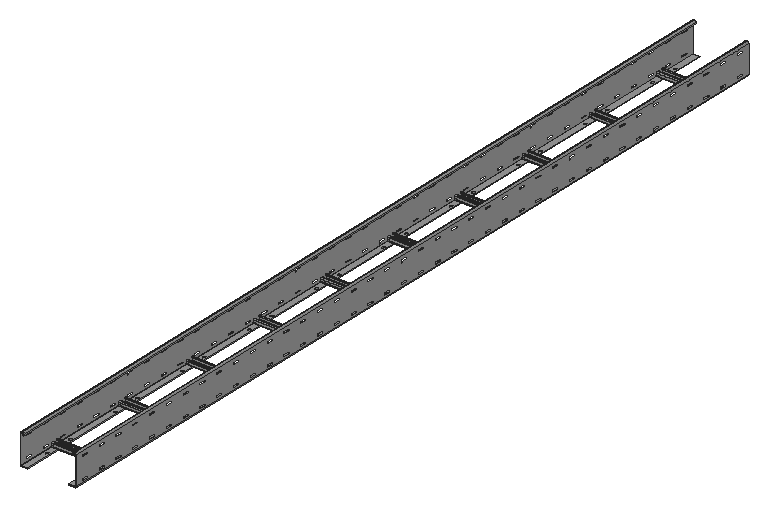
Revit family "Kabelleiter - LG 116 VS 6 FT -", category Generic Models, Revit 2017
Family settings
  Can host rebar = No
  Round Connector Dimension = Use Diameter
  Part Type = Normal
  Work Plane-Based = No
  Always vertical = Yes
  Cut with Voids When Loaded = No
  Shared = No
  Room Calculation Point = No
Parameters (values of type "LG 116 VS 6 FT")
  Width = 200 mm
  URL = "http://www.obo-bettermann.com"
  Material = Hot dip galvanised
  Manufacturer Art.No. = "6216477"
  Manufacturer = "OBO BETTERMANN"
  Length = 3000 mm
  GTIN = "4012195065432"
  Cut's space 2 = 300 mm
  Cut's space = 75 mm
  Cut's number 4 = 3
  Cut's number 3 = Length / Cut's space 2  # 10
  Cut's number 2 = Length / Cut's space  # 40
  Cut's number = 2
  Article Type = "LG 116 VS 6 FT"
Reference planes
  plane 1 "Center (Front/Back)": y = 0
  plane 2: z = 0
  plane 3 "Center (Left/Right)": x = 0
  plane 4: z = 103.979
  plane 5: y = 3000
  plane 6: x = 200
  plane 7: z = 110
  plane 8: z = 100.979
  plane 9: z = 103.979
  plane 10: y = 37.5
  plane 11: z = 51.5
  plane 12: z = 89
  plane 13: z = 14
  plane 14: z = 89
  plane 15: z = 14
  plane 16: y = 37.5
  plane 17: y = 37.5
  plane 18: z = 51.5
  plane 19: z = 89
  plane 20: z = 14
  plane 21: y = 150
  plane 22: x = 1.5
  plane 23: y = 450
  plane 24: y = 750
  plane 25: y = 1050
  plane 26: y = 1350
  plane 27: y = 1650
  plane 28: y = 1950
  plane 29: y = 2250
  plane 30: y = 2550
  plane 31: y = 2850
  plane 32: x = 47.5
  plane 33: y = 150.084
  plane 34: x = 97.5
  plane 35: y = 150.084
  plane 36: x = 147.5
  plane 37: y = 150.084
  plane 38: y = 200.084
  plane 39: y = 100.084
  plane 40: x = 18
  plane 41: y = 150.084
  plane 42: y = 300.084
  plane 43: y = 200.084
  plane 44: x = 18
  plane 45: y = 250.084
  plane 46: y = 100.084
  plane 47: x = 182
  plane 48: y = 150.084
  plane 49: y = 200.084
  plane 50: x = 182
  plane 51: y = 250.084
  plane 52: y = 500.084
  plane 53: y = 400.084
  plane 54: x = 18
  plane 55: y = 450.084
  plane 56: y = 400.084
  plane 57: x = 182
  plane 58: y = 450.084
  plane 59: y = 600.084
  plane 60: y = 500.084
  plane 61: x = 18
  plane 62: y = 550.084
  plane 63: y = 500.084
  plane 64: x = 182
  plane 65: y = 550.084
  plane 66: y = 800.084
  plane 67: y = 700.084
  plane 68: x = 18
  plane 69: y = 750.084
  plane 70: y = 700.084
  plane 71: x = 182
  plane 72: y = 750.084
  plane 73: y = 900.084
  plane 74: y = 800.084
  plane 75: x = 18
  plane 76: y = 850.084
  plane 77: y = 800.084
  plane 78: x = 182
  plane 79: y = 850.084
  plane 80: y = 1100.084
  plane 81: y = 1000.084
  plane 82: x = 18
  plane 83: y = 1050.084
  plane 84: y = 1000.084
  plane 85: x = 182
  plane 86: y = 1050.084
  plane 87: y = 1200.084
  plane 88: y = 1100.084
  plane 89: x = 18
  plane 90: y = 1150.084
  plane 91: y = 1100.084
  plane 92: x = 182
  plane 93: y = 1150.084
  plane 94: y = 1400.084
  plane 95: y = 1300.084
  plane 96: x = 18
  plane 97: y = 1350.084
  plane 98: y = 1300.084
  plane 99: x = 182
  plane 100: y = 1350.084
  plane 101: y = 1500.084
  plane 102: y = 1400.084
  plane 103: x = 18
  plane 104: y = 1450.084
  plane 105: y = 1400.084
  plane 106: x = 182
  plane 107: y = 1450.084
  plane 108: y = 1700.084
  plane 109: y = 1600.084
  plane 110: x = 18
  plane 111: y = 1650.084
  plane 112: y = 1600.084
  plane 113: x = 182
  plane 114: y = 1650.084
  plane 115: y = 1800.084
  plane 116: y = 1700.084
  plane 117: x = 18
  plane 118: y = 1750.084
  plane 119: y = 1700.084
  plane 120: x = 182
  plane 121: y = 1750.084
  plane 122: y = 2000.084
  plane 123: y = 1900.084
  plane 124: x = 18
  plane 125: y = 1950.084
  plane 126: y = 1900.084
  plane 127: x = 182
  plane 128: y = 1950.084
  plane 129: y = 2100.084
  plane 130: y = 2000.084
  plane 131: x = 18
  plane 132: y = 2050.084
  plane 133: y = 2000.084
  plane 134: x = 182
  plane 135: y = 2050.084
  plane 136: y = 2300.084
  plane 137: y = 2200.084
  plane 138: x = 18
  plane 139: y = 2250.084
  plane 140: y = 2200.084
  plane 141: x = 182
  plane 142: y = 2250.084
  plane 143: y = 2400.084
  plane 144: y = 2300.084
  plane 145: x = 18
  plane 146: y = 2350.084
  plane 147: y = 2300.084
  plane 148: x = 182
  plane 149: y = 2350.084
  plane 150: y = 2600.084
  plane 151: y = 2500.084
  plane 152: x = 18
  plane 153: y = 2550.084
  plane 154: y = 2500.084
  plane 155: x = 182
  plane 156: y = 2550.084
  plane 157: y = 2700.084
  plane 158: y = 2600.084
  plane 159: x = 18
  plane 160: y = 2650.084
  plane 161: y = 2600.084
  plane 162: x = 182
  plane 163: y = 2650.084
  plane 164: y = 2900.084
  plane 165: y = 2800.084
  plane 166: x = 18
  plane 167: y = 2850.084
  plane 168: y = 2800.084
  plane 169: x = 182
  plane 170: y = 2850.084
  plane 171: y = 3000.084
  plane 172: y = 2900.084
  plane 173: x = 18
  plane 174: y = 2950.084
  plane 175: y = 2900.084
  plane 176: x = 182
  plane 177: y = 2950.084
  plane 178: x = 47.5
  plane 179: y = 750.084
  plane 180: x = 47.5
  plane 181: y = 1050.084
  plane 182: x = 47.5
  plane 183: y = 1350.084
  plane 184: x = 47.5
  plane 185: y = 1650.084
  plane 186: x = 47.5
  plane 187: y = 1950.084
  plane 188: x = 47.5
  plane 189: y = 2250.084
  plane 190: x = 47.5
  plane 191: y = 2550.084
  plane 192: x = 47.5
  plane 193: y = 2850.084
  plane 194: y = 112.5
  plane 195: z = 51.5
  plane 196: z = 89
  plane 197: z = 14
  plane 198: z = 89
  plane 199: z = 14
  plane 200: y = 112.5
  plane 201: y = 187.5
  plane 202: z = 51.5
  plane 203: z = 89
  plane 204: z = 14
  plane 205: z = 89
  plane 206: z = 14
  plane 207: y = 187.5
  plane 208: y = 262.5
  plane 209: z = 51.5
  plane 210: z = 89
  plane 211: z = 14
  plane 212: z = 89
  plane 213: z = 14
  plane 214: y = 262.5
  plane 215: y = 337.5
  plane 216: z = 51.5
  plane 217: z = 89
  plane 218: z = 14
  plane 219: z = 89
  plane 220: z = 14
  plane 221: y = 337.5
  plane 222: y = 412.5
  plane 223: z = 51.5
  plane 224: z = 89
  plane 225: z = 14
  plane 226: z = 89
  plane 227: z = 14
  plane 228: y = 412.5
  plane 229: y = 487.5
  plane 230: z = 51.5
  plane 231: z = 89
  plane 232: z = 14
  plane 233: z = 89
  plane 234: z = 14
  plane 235: y = 487.5
  plane 236: y = 562.5
  plane 237: z = 51.5
  plane 238: z = 89
  plane 239: z = 14
  plane 240: z = 89
  plane 241: z = 14
  plane 242: y = 562.5
  plane 243: y = 637.5
  plane 244: z = 51.5
  plane 245: z = 89
  plane 246: z = 14
  plane 247: z = 89
  plane 248: z = 14
  plane 249: y = 637.5
  plane 250: y = 712.5
  plane 251: z = 51.5
  plane 252: z = 89
  plane 253: z = 14
  plane 254: z = 89
  plane 255: z = 14
  plane 256: y = 712.5
  plane 257: y = 787.5
  plane 258: z = 51.5
  plane 259: z = 89
  plane 260: z = 14
  plane 261: z = 89
  plane 262: z = 14
  plane 263: y = 787.5
  plane 264: y = 862.5
  plane 265: z = 51.5
  plane 266: z = 89
  plane 267: z = 14
  plane 268: z = 89
  plane 269: z = 14
  plane 270: y = 862.5
  plane 271: y = 937.5
  plane 272: z = 51.5
  plane 273: z = 89
  plane 274: z = 14
  plane 275: z = 89
  plane 276: z = 14
  plane 277: y = 937.5
  plane 278: y = 1012.5
  plane 279: z = 51.5
  plane 280: z = 89
  plane 281: z = 14
  plane 282: z = 89
  plane 283: z = 14
  plane 284: y = 1012.5
  plane 285: y = 1087.5
  plane 286: z = 51.5
  plane 287: z = 89
  plane 288: z = 14
  plane 289: z = 89
  plane 290: z = 14
  plane 291: y = 1087.5
  plane 292: y = 1162.5
  plane 293: z = 51.5
  plane 294: z = 89
  plane 295: z = 14
  plane 296: z = 89
  plane 297: z = 14
  plane 298: y = 1162.5
  plane 299: y = 1237.5
  plane 300: z = 51.5
  plane 301: z = 89
  plane 302: z = 14
  plane 303: z = 89
  plane 304: z = 14
  plane 305: y = 1237.5
  plane 306: y = 1312.5
  plane 307: z = 51.5
  plane 308: z = 89
  plane 309: z = 14
  plane 310: z = 89
  plane 311: z = 14
  plane 312: y = 1312.5
  plane 313: y = 1387.5
  plane 314: z = 51.5
  plane 315: z = 89
  plane 316: z = 14
  plane 317: z = 89
  plane 318: z = 14
  plane 319: y = 1387.5
  plane 320: y = 1462.5
  plane 321: z = 51.5
  plane 322: z = 89
  plane 323: z = 14
  plane 324: z = 89
  plane 325: z = 14
  plane 326: y = 1462.5
  plane 327: y = 1537.5
  plane 328: z = 51.5
  plane 329: z = 89
  plane 330: z = 14
  plane 331: z = 89
  plane 332: z = 14
  plane 333: y = 1537.5
  plane 334: y = 1612.5
  plane 335: z = 51.5
  plane 336: z = 89
  plane 337: z = 14
  plane 338: z = 89
  plane 339: z = 14
  plane 340: y = 1612.5
  plane 341: y = 1687.5
  plane 342: z = 51.5
  plane 343: z = 89
  plane 344: z = 14
  plane 345: z = 89
  plane 346: z = 14
  plane 347: y = 1687.5
  plane 348: y = 1762.5
  plane 349: z = 51.5
  plane 350: z = 89
  plane 351: z = 14
  plane 352: z = 89
  plane 353: z = 14
  plane 354: y = 1762.5
  plane 355: y = 1837.5
  plane 356: z = 51.5
  plane 357: z = 89
  plane 358: z = 14
  plane 359: z = 89
  plane 360: z = 14
  plane 361: y = 1837.5
  plane 362: y = 1912.5
  plane 363: z = 51.5
  plane 364: z = 89
  plane 365: z = 14
  plane 366: z = 89
  plane 367: z = 14
  plane 368: y = 1912.5
  plane 369: y = 1987.5
  plane 370: z = 51.5
  plane 371: z = 89
  plane 372: z = 14
  plane 373: z = 89
  plane 374: z = 14
  plane 375: y = 1987.5
  plane 376: y = 2062.5
  plane 377: z = 51.5
  plane 378: z = 89
  plane 379: z = 14
  plane 380: z = 89
  plane 381: z = 14
  plane 382: y = 2062.5
  plane 383: y = 2137.5
  plane 384: z = 51.5
  plane 385: z = 89
  plane 386: z = 14
  plane 387: z = 89
  plane 388: z = 14
  plane 389: y = 2137.5
  plane 390: y = 2212.5
  plane 391: z = 51.5
  plane 392: z = 89
  plane 393: z = 14
  plane 394: z = 89
  plane 395: z = 14
  plane 396: y = 2212.5
  plane 397: y = 2287.5
  plane 398: z = 51.5
  plane 399: z = 89
  plane 400: z = 14
  plane 401: z = 89
  plane 402: z = 14
  plane 403: y = 2287.5
  plane 404: y = 2362.5
  plane 405: z = 51.5
  plane 406: z = 89
  plane 407: z = 14
  plane 408: z = 89
  plane 409: z = 14
  plane 410: y = 2362.5
  plane 411: y = 2437.5
  plane 412: z = 51.5
  plane 413: z = 89
  plane 414: z = 14
  plane 415: z = 89
  plane 416: z = 14
  plane 417: y = 2437.5
  plane 418: y = 2512.5
  plane 419: z = 51.5
  plane 420: z = 89
  plane 421: z = 14
  plane 422: z = 89
  plane 423: z = 14
  plane 424: y = 2512.5
  plane 425: y = 2587.5
  plane 426: z = 51.5
  plane 427: z = 89
  plane 428: z = 14
  plane 429: z = 89
  plane 430: z = 14
  plane 431: y = 2587.5
  plane 432: y = 2662.5
  plane 433: z = 51.5
  plane 434: z = 89
  plane 435: z = 14
  plane 436: z = 89
  plane 437: z = 14
  plane 438: y = 2662.5
  plane 439: y = 2737.5
  plane 440: z = 51.5
  plane 441: z = 89
  plane 442: z = 14
  plane 443: z = 89
  plane 444: z = 14
  plane 445: y = 2737.5
  plane 446: y = 2812.5
  plane 447: z = 51.5
  plane 448: z = 89
  plane 449: z = 14
  plane 450: z = 89
  plane 451: z = 14
  plane 452: y = 2812.5
  plane 453: y = 2887.5
  plane 454: z = 51.5
  plane 455: z = 89
  plane 456: z = 14
  plane 457: z = 89
  plane 458: z = 14
  plane 459: y = 2887.5
  plane 460: y = 2962.5
  plane 461: z = 51.5
  plane 462: z = 89
  plane 463: z = 14
  plane 464: z = 89
  plane 465: z = 14
  plane 466: y = 2962.5
  plane 467: z = 89
  plane 468: z = 14
  plane 469: y = 37.5
  plane 470: z = 14
  plane 471: z = -61
  plane 472: y = 37.5
  plane 473: z = 89
  plane 474: z = 14
  plane 475: y = 37.5
  plane 476: z = 89
  plane 477: z = 14
  plane 478: y = 112.5
  plane 479: z = 14
  plane 480: z = -61
  plane 481: y = 112.5
  plane 482: z = 89
  plane 483: z = 14
  plane 484: y = 187.5
  plane 485: z = 14
  plane 486: z = -61
  plane 487: y = 187.5
  plane 488: z = 89
  plane 489: z = 14
  plane 490: y = 262.5
  plane 491: z = 14
  plane 492: z = -61
  plane 493: y = 262.5
  plane 494: z = 89
  plane 495: z = 14
  plane 496: y = 337.5
  plane 497: z = 14
  plane 498: z = -61
  plane 499: y = 337.5
  plane 500: z = 89
  plane 501: z = 14
  plane 502: y = 412.5
  plane 503: z = 14
  plane 504: z = -61
  plane 505: y = 412.5
  plane 506: z = 89
  plane 507: z = 14
  plane 508: y = 487.5
  plane 509: z = 14
  plane 510: z = -61
  plane 511: y = 487.5
  plane 512: z = 89
  plane 513: z = 14
  plane 514: y = 562.5
  plane 515: z = 14
  plane 516: z = -61
  plane 517: y = 562.5
  plane 518: z = 89
  plane 519: z = 14
  plane 520: y = 637.5
  plane 521: z = 14
  plane 522: z = -61
  plane 523: y = 637.5
  plane 524: z = 89
  plane 525: z = 14
  plane 526: y = 712.5
  plane 527: z = 14
  plane 528: z = -61
  plane 529: y = 712.5
  plane 530: z = 89
  plane 531: z = 14
  plane 532: y = 787.5
  plane 533: z = 14
  plane 534: z = -61
  plane 535: y = 787.5
  plane 536: z = 89
  plane 537: z = 14
  plane 538: y = 862.5
  plane 539: z = 14
  plane 540: z = -61
  plane 541: y = 862.5
  plane 542: z = 89
  plane 543: z = 14
  plane 544: y = 937.5
  plane 545: z = 14
  plane 546: z = -61
  plane 547: y = 937.5
  plane 548: z = 89
  plane 549: z = 14
  plane 550: y = 1012.5
  plane 551: z = 14
  plane 552: z = -61
  plane 553: y = 1012.5
  plane 554: z = 89
  plane 555: z = 14
  plane 556: y = 1087.5
  plane 557: z = 14
  plane 558: z = -61
  plane 559: y = 1087.5
  plane 560: z = 89
  plane 561: z = 14
  plane 562: y = 1162.5
  plane 563: z = 14
  plane 564: z = -61
  plane 565: y = 1162.5
  plane 566: z = 89
  plane 567: z = 14
  plane 568: y = 1237.5
  plane 569: z = 14
  plane 570: z = -61
  plane 571: y = 1237.5
  plane 572: z = 89
  plane 573: z = 14
  plane 574: y = 1312.5
  plane 575: z = 14
  plane 576: z = -61
  plane 577: y = 1312.5
  plane 578: z = 89
  plane 579: z = 14
  plane 580: y = 1387.5
  plane 581: z = 14
  plane 582: z = -61
  plane 583: y = 1387.5
  plane 584: z = 89
  plane 585: z = 14
  plane 586: y = 1462.5
  plane 587: z = 14
  plane 588: z = -61
  plane 589: y = 1462.5
  plane 590: z = 89
  plane 591: z = 14
  plane 592: y = 1537.5
  plane 593: z = 14
  plane 594: z = -61
  plane 595: y = 1537.5
  plane 596: z = 89
  plane 597: z = 14
  plane 598: y = 1612.5
  plane 599: z = 14
  plane 600: z = -61
  plane 601: y = 1612.5
  plane 602: z = 89
  plane 603: z = 14
  plane 604: y = 1687.5
  plane 605: z = 14
  plane 606: z = -61
  plane 607: y = 1687.5
  plane 608: z = 89
  plane 609: z = 14
  plane 610: y = 1762.5
  plane 611: z = 14
  plane 612: z = -61
  plane 613: y = 1762.5
  plane 614: z = 89
  plane 615: z = 14
  plane 616: y = 1837.5
  plane 617: z = 14
  plane 618: z = -61
  plane 619: y = 1837.5
  plane 620: z = 89
  plane 621: z = 14
  plane 622: y = 1912.5
  plane 623: z = 14
  plane 624: z = -61
  plane 625: y = 1912.5
  plane 626: z = 89
  plane 627: z = 14
  plane 628: y = 1987.5
  plane 629: z = 14
  plane 630: z = -61
  plane 631: y = 1987.5
  plane 632: z = 89
  plane 633: z = 14
  plane 634: y = 2062.5
  plane 635: z = 14
  plane 636: z = -61
  plane 637: y = 2062.5
  plane 638: z = 89
  plane 639: z = 14
  plane 640: y = 2137.5
  plane 641: z = 14
  plane 642: z = -61
  plane 643: y = 2137.5
  plane 644: z = 89
  plane 645: z = 14
  plane 646: y = 2212.5
  plane 647: z = 14
  plane 648: z = -61
  plane 649: y = 2212.5
  plane 650: z = 89
  plane 651: z = 14
  plane 652: y = 2287.5
  plane 653: z = 14
  plane 654: z = -61
  plane 655: y = 2287.5
  plane 656: z = 89
  plane 657: z = 14
  plane 658: y = 2362.5
  plane 659: z = 14
  plane 660: z = -61
  plane 661: y = 2362.5
  plane 662: z = 89
  plane 663: z = 14
  plane 664: y = 2437.5
  plane 665: z = 14
  plane 666: z = -61
  plane 667: y = 2437.5
  plane 668: z = 89
  plane 669: z = 14
  plane 670: y = 2512.5
  plane 671: z = 14
  plane 672: z = -61
  plane 673: y = 2512.5
  plane 674: z = 89
  plane 675: z = 14
  plane 676: y = 2587.5
  plane 677: z = 14
  plane 678: z = -61
  plane 679: y = 2587.5
  plane 680: z = 89
  plane 681: z = 14
  plane 682: y = 2662.5
  plane 683: z = 14
  plane 684: z = -61
  plane 685: y = 2662.5
  plane 686: z = 89
  plane 687: z = 14
  plane 688: y = 2737.5
  plane 689: z = 14
  plane 690: z = -61
  plane 691: y = 2737.5
  plane 692: z = 89
  plane 693: z = 14
  plane 694: y = 2812.5
  plane 695: z = 14
  plane 696: z = -61
  plane 697: y = 2812.5
  plane 698: z = 89
  plane 699: z = 14
  plane 700: y = 2887.5
  plane 701: z = 14
  plane 702: z = -61
  plane 703: y = 2887.5
  plane 704: z = 89
  plane 705: z = 14
  plane 706: y = 2962.5
  plane 707: z = 14
  plane 708: z = -61
  plane 709: y = 2962.5
  plane 710: x = 47.5
  plane 711: x = 97.5
  plane 712: x = 147.5
  plane 713: y = 450.084
  plane 714: x = 97.5
  plane 715: x = 147.5
  plane 716: x = 197.5
  plane 717: y = 450.084
  plane 718: x = 147.5
  plane 719: x = 197.5
  plane 720: x = 247.5
  plane 721: y = 450.084
  plane 722: x = 97.5
  plane 723: y = 750.084
  plane 724: x = 147.5
  plane 725: y = 750.084
  plane 726: x = 97.5
  plane 727: y = 1050.084
  plane 728: x = 147.5
  plane 729: y = 1050.084
  plane 730: x = 97.5
  plane 731: y = 1350.084
  plane 732: x = 147.5
  plane 733: y = 1350.084
  plane 734: x = 97.5
  plane 735: y = 1650.084
  plane 736: x = 147.5
  plane 737: y = 1650.084
  plane 738: x = 97.5
  plane 739: y = 1950.084
  plane 740: x = 147.5
  plane 741: y = 1950.084
  plane 742: x = 97.5
  plane 743: y = 2250.084
  plane 744: x = 147.5
  plane 745: y = 2250.084
  plane 746: x = 97.5
  plane 747: y = 2550.084
  plane 748: x = 147.5
  plane 749: y = 2550.084
  plane 750: x = 97.5
  plane 751: y = 2850.084
  plane 752: x = 147.5
  plane 753: y = 2850.084
Forms (mm)
  Extrusion 1, solid, material "Hot dip galvanised" <- "Material"
    sketch origin (0, 0, 0) x (1, 0, 0) y (0, 0, 1)
      loop
        line (27, 0) -> (27, 1.5) -> (2.5, 1.5)
        arc (2.5, 1.5) -> (1.793, 1.793) -> (1.5, 2.5) r 1
        line (1.5, 2.5) -> (1.5, 104.06)
        arc (1.5, 104.06) -> (5.976, 108.536) -> (10.452, 104.06) r 4.476
        line (10.452, 104.06) -> (10.452, 100.979) -> (11.952, 100.979) -> (11.952, 104.06)
        arc (11.952, 104.06) -> (5.976, 110.036) -> (0, 104.06) r 5.976
        line (0, 104.06) -> (0, 2.5)
        arc (0, 2.5) -> (0.732, 0.732) -> (2.5, 0) r 2.5
        line (2.5, 0) -> (27, 0)
    from 0 to -3000
  Extrusion 2, solid, material "Hot dip galvanised" <- "Material"
    sketch origin (0, 0, 0) x (1, 0, 0) y (0, 0, 1)
      loop
        arc (197.5, 0) -> (199.268, 0.732) -> (200, 2.5) r 2.5
        line (200, 2.5) -> (200, 103.979)
        arc (200, 103.979) -> (194, 109.979) -> (188, 103.979) r 6
        line (188, 103.979) -> (188, 100.979) -> (189.5, 100.979) -> (189.5, 103.979)
        arc (189.5, 103.979) -> (194, 108.479) -> (198.5, 103.979) r 4.5
        line (198.5, 103.979) -> (198.5, 2.5)
        arc (198.5, 2.5) -> (198.207, 1.793) -> (197.5, 1.5) r 1
        line (197.5, 1.5) -> (172.948, 1.5) -> (172.948, 0) -> (197.5, 0)
    from -3000 to 0
  Extrusion 3, void
    sketch origin (0, 0, 0) x (0, 1, 0) y (0, 0, 1)
      loop
        line (23.5, 19.398) -> (23.5, 9.5) -> (51.5, 9.5) -> (51.5, 19.398) -> (23.5, 19.398)
    from 198.5 to 200
  Extrusion 4, void
    sketch origin (0, 0, 0) x (0, 1, 0) y (0, 0, 1)
      loop
        line (23.5, 93.5) -> (23.5, 84.5) -> (51.5, 84.5) -> (51.5, 93.5) -> (23.5, 93.5)
    from 198.5 to 200
  Extrusion 5, void, not visible
    sketch origin (0, 0, 0) x (0, 1, 0) y (0, 0, 1)
      loop
        line (23.5, 19.398) -> (23.5, 9.5) -> (51.5, 9.5) -> (51.5, 19.398) -> (23.5, 19.398)
    from 198.5 to 200
  Extrusion 6, solid, material "Hot dip galvanised" <- "Material"
    sketch origin (0, 0, 0) x (0, 1, 0) y (0, 0, 1)
      loop
        line (150, 1.5) -> (162, 1.5)
        arc (162, 1.5) -> (164.121, 2.379) -> (165, 4.5) r 3
        line (165, 4.5) -> (165, 13.5)
        arc (165, 13.5) -> (164.121, 15.621) -> (162, 16.5) r 3
        line (162, 16.5) -> (158.5, 16.5) -> (158.5, 15) -> (162, 15)
        arc (162, 15) -> (163.061, 14.561) -> (163.5, 13.5) r 1.5
        line (163.5, 13.5) -> (163.5, 4.5)
        arc (163.5, 4.5) -> (163.061, 3.439) -> (162, 3) r 1.5
        line (162, 3) -> (150, 3) -> (138, 3)
        arc (138, 3) -> (136.939, 3.439) -> (136.5, 4.5) r 1.5
        line (136.5, 4.5) -> (136.5, 13.5)
        arc (136.5, 13.5) -> (136.939, 14.561) -> (138, 15) r 1.5
        line (138, 15) -> (141.584, 15) -> (141.584, 16.5) -> (138, 16.5)
        arc (138, 16.5) -> (135.879, 15.621) -> (135, 13.5) r 3
        line (135, 13.5) -> (135, 4.5)
        arc (135, 4.5) -> (135.879, 2.379) -> (138, 1.5) r 3
        line (138, 1.5) -> (150, 1.5)
    from 1.5 to 198.5
  Extrusion 7, solid, material "Hot dip galvanised" <- "Material"
    sketch origin (0, 300, 0) x (0, 1, 0) y (0, 0, 1)
      loop
        line (150, 1.5) -> (162, 1.5)
        arc (162, 1.5) -> (164.121, 2.379) -> (165, 4.5) r 3
        line (165, 4.5) -> (165, 13.5)
        arc (165, 13.5) -> (164.121, 15.621) -> (162, 16.5) r 3
        line (162, 16.5) -> (158.5, 16.5) -> (158.5, 15) -> (162, 15)
        arc (162, 15) -> (163.061, 14.561) -> (163.5, 13.5) r 1.5
        line (163.5, 13.5) -> (163.5, 4.5)
        arc (163.5, 4.5) -> (163.061, 3.439) -> (162, 3) r 1.5
        line (162, 3) -> (150, 3) -> (138, 3)
        arc (138, 3) -> (136.939, 3.439) -> (136.5, 4.5) r 1.5
        line (136.5, 4.5) -> (136.5, 13.5)
        arc (136.5, 13.5) -> (136.939, 14.561) -> (138, 15) r 1.5
        line (138, 15) -> (141.584, 15) -> (141.584, 16.5) -> (138, 16.5)
        arc (138, 16.5) -> (135.879, 15.621) -> (135, 13.5) r 3
        line (135, 13.5) -> (135, 4.5)
        arc (135, 4.5) -> (135.879, 2.379) -> (138, 1.5) r 3
        line (138, 1.5) -> (150, 1.5)
    from 1.49 to 198.387
  Extrusion 8, solid, material "Hot dip galvanised" <- "Material"
    sketch origin (0, 600, 0) x (0, 1, 0) y (0, 0, 1)
      loop
        line (150, 1.5) -> (162, 1.5)
        arc (162, 1.5) -> (164.121, 2.379) -> (165, 4.5) r 3
        line (165, 4.5) -> (165, 13.5)
        arc (165, 13.5) -> (164.121, 15.621) -> (162, 16.5) r 3
        line (162, 16.5) -> (158.5, 16.5) -> (158.5, 15) -> (162, 15)
        arc (162, 15) -> (163.061, 14.561) -> (163.5, 13.5) r 1.5
        line (163.5, 13.5) -> (163.5, 4.5)
        arc (163.5, 4.5) -> (163.061, 3.439) -> (162, 3) r 1.5
        line (162, 3) -> (150, 3) -> (138, 3)
        arc (138, 3) -> (136.939, 3.439) -> (136.5, 4.5) r 1.5
        line (136.5, 4.5) -> (136.5, 13.5)
        arc (136.5, 13.5) -> (136.939, 14.561) -> (138, 15) r 1.5
        line (138, 15) -> (141.584, 15) -> (141.584, 16.5) -> (138, 16.5)
        arc (138, 16.5) -> (135.879, 15.621) -> (135, 13.5) r 3
        line (135, 13.5) -> (135, 4.5)
        arc (135, 4.5) -> (135.879, 2.379) -> (138, 1.5) r 3
        line (138, 1.5) -> (150, 1.5)
    from 1.49 to 198.5
  Extrusion 9, solid, material "Hot dip galvanised" <- "Material"
    sketch origin (0, 900, 0) x (0, 1, 0) y (0, 0, 1)
      loop
        line (150, 1.5) -> (162, 1.5)
        arc (162, 1.5) -> (164.121, 2.379) -> (165, 4.5) r 3
        line (165, 4.5) -> (165, 13.5)
        arc (165, 13.5) -> (164.121, 15.621) -> (162, 16.5) r 3
        line (162, 16.5) -> (158.5, 16.5) -> (158.5, 15) -> (162, 15)
        arc (162, 15) -> (163.061, 14.561) -> (163.5, 13.5) r 1.5
        line (163.5, 13.5) -> (163.5, 4.5)
        arc (163.5, 4.5) -> (163.061, 3.439) -> (162, 3) r 1.5
        line (162, 3) -> (150, 3) -> (138, 3)
        arc (138, 3) -> (136.939, 3.439) -> (136.5, 4.5) r 1.5
        line (136.5, 4.5) -> (136.5, 13.5)
        arc (136.5, 13.5) -> (136.939, 14.561) -> (138, 15) r 1.5
        line (138, 15) -> (141.584, 15) -> (141.584, 16.5) -> (138, 16.5)
        arc (138, 16.5) -> (135.879, 15.621) -> (135, 13.5) r 3
        line (135, 13.5) -> (135, 4.5)
        arc (135, 4.5) -> (135.879, 2.379) -> (138, 1.5) r 3
        line (138, 1.5) -> (150, 1.5)
    from 1.49 to 198.5
  Extrusion 10, solid, material "Hot dip galvanised" <- "Material"
    sketch origin (0, 1200, 0) x (0, 1, 0) y (0, 0, 1)
      loop
        line (150, 1.5) -> (162, 1.5)
        arc (162, 1.5) -> (164.121, 2.379) -> (165, 4.5) r 3
        line (165, 4.5) -> (165, 13.5)
        arc (165, 13.5) -> (164.121, 15.621) -> (162, 16.5) r 3
        line (162, 16.5) -> (158.5, 16.5) -> (158.5, 15) -> (162, 15)
        arc (162, 15) -> (163.061, 14.561) -> (163.5, 13.5) r 1.5
        line (163.5, 13.5) -> (163.5, 4.5)
        arc (163.5, 4.5) -> (163.061, 3.439) -> (162, 3) r 1.5
        line (162, 3) -> (150, 3) -> (138, 3)
        arc (138, 3) -> (136.939, 3.439) -> (136.5, 4.5) r 1.5
        line (136.5, 4.5) -> (136.5, 13.5)
        arc (136.5, 13.5) -> (136.939, 14.561) -> (138, 15) r 1.5
        line (138, 15) -> (141.584, 15) -> (141.584, 16.5) -> (138, 16.5)
        arc (138, 16.5) -> (135.879, 15.621) -> (135, 13.5) r 3
        line (135, 13.5) -> (135, 4.5)
        arc (135, 4.5) -> (135.879, 2.379) -> (138, 1.5) r 3
        line (138, 1.5) -> (150, 1.5)
    from 1.49 to 198.5
  Extrusion 11, solid, material "Hot dip galvanised" <- "Material"
    sketch origin (0, 1500, 0) x (0, 1, 0) y (0, 0, 1)
      loop
        line (150, 1.5) -> (162, 1.5)
        arc (162, 1.5) -> (164.121, 2.379) -> (165, 4.5) r 3
        line (165, 4.5) -> (165, 13.5)
        arc (165, 13.5) -> (164.121, 15.621) -> (162, 16.5) r 3
        line (162, 16.5) -> (158.5, 16.5) -> (158.5, 15) -> (162, 15)
        arc (162, 15) -> (163.061, 14.561) -> (163.5, 13.5) r 1.5
        line (163.5, 13.5) -> (163.5, 4.5)
        arc (163.5, 4.5) -> (163.061, 3.439) -> (162, 3) r 1.5
        line (162, 3) -> (150, 3) -> (138, 3)
        arc (138, 3) -> (136.939, 3.439) -> (136.5, 4.5) r 1.5
        line (136.5, 4.5) -> (136.5, 13.5)
        arc (136.5, 13.5) -> (136.939, 14.561) -> (138, 15) r 1.5
        line (138, 15) -> (141.584, 15) -> (141.584, 16.5) -> (138, 16.5)
        arc (138, 16.5) -> (135.879, 15.621) -> (135, 13.5) r 3
        line (135, 13.5) -> (135, 4.5)
        arc (135, 4.5) -> (135.879, 2.379) -> (138, 1.5) r 3
        line (138, 1.5) -> (150, 1.5)
    from 1.49 to 198.5
  Extrusion 12, solid, material "Hot dip galvanised" <- "Material"
    sketch origin (0, 1800, 0) x (0, 1, 0) y (0, 0, 1)
      loop
        line (150, 1.5) -> (162, 1.5)
        arc (162, 1.5) -> (164.121, 2.379) -> (165, 4.5) r 3
        line (165, 4.5) -> (165, 13.5)
        arc (165, 13.5) -> (164.121, 15.621) -> (162, 16.5) r 3
        line (162, 16.5) -> (158.5, 16.5) -> (158.5, 15) -> (162, 15)
        arc (162, 15) -> (163.061, 14.561) -> (163.5, 13.5) r 1.5
        line (163.5, 13.5) -> (163.5, 4.5)
        arc (163.5, 4.5) -> (163.061, 3.439) -> (162, 3) r 1.5
        line (162, 3) -> (150, 3) -> (138, 3)
        arc (138, 3) -> (136.939, 3.439) -> (136.5, 4.5) r 1.5
        line (136.5, 4.5) -> (136.5, 13.5)
        arc (136.5, 13.5) -> (136.939, 14.561) -> (138, 15) r 1.5
        line (138, 15) -> (141.584, 15) -> (141.584, 16.5) -> (138, 16.5)
        arc (138, 16.5) -> (135.879, 15.621) -> (135, 13.5) r 3
        line (135, 13.5) -> (135, 4.5)
        arc (135, 4.5) -> (135.879, 2.379) -> (138, 1.5) r 3
        line (138, 1.5) -> (150, 1.5)
    from 1.49 to 198.5
  Extrusion 13, solid, material "Hot dip galvanised" <- "Material"
    sketch origin (0, 2100, 0) x (0, 1, 0) y (0, 0, 1)
      loop
        line (150, 1.5) -> (162, 1.5)
        arc (162, 1.5) -> (164.121, 2.379) -> (165, 4.5) r 3
        line (165, 4.5) -> (165, 13.5)
        arc (165, 13.5) -> (164.121, 15.621) -> (162, 16.5) r 3
        line (162, 16.5) -> (158.5, 16.5) -> (158.5, 15) -> (162, 15)
        arc (162, 15) -> (163.061, 14.561) -> (163.5, 13.5) r 1.5
        line (163.5, 13.5) -> (163.5, 4.5)
        arc (163.5, 4.5) -> (163.061, 3.439) -> (162, 3) r 1.5
        line (162, 3) -> (150, 3) -> (138, 3)
        arc (138, 3) -> (136.939, 3.439) -> (136.5, 4.5) r 1.5
        line (136.5, 4.5) -> (136.5, 13.5)
        arc (136.5, 13.5) -> (136.939, 14.561) -> (138, 15) r 1.5
        line (138, 15) -> (141.584, 15) -> (141.584, 16.5) -> (138, 16.5)
        arc (138, 16.5) -> (135.879, 15.621) -> (135, 13.5) r 3
        line (135, 13.5) -> (135, 4.5)
        arc (135, 4.5) -> (135.879, 2.379) -> (138, 1.5) r 3
        line (138, 1.5) -> (150, 1.5)
    from 1.49 to 198.5
  Extrusion 14, solid, material "Hot dip galvanised" <- "Material"
    sketch origin (0, 2400, 0) x (0, 1, 0) y (0, 0, 1)
      loop
        line (150, 1.5) -> (162, 1.5)
        arc (162, 1.5) -> (164.121, 2.379) -> (165, 4.5) r 3
        line (165, 4.5) -> (165, 13.5)
        arc (165, 13.5) -> (164.121, 15.621) -> (162, 16.5) r 3
        line (162, 16.5) -> (158.5, 16.5) -> (158.5, 15) -> (162, 15)
        arc (162, 15) -> (163.061, 14.561) -> (163.5, 13.5) r 1.5
        line (163.5, 13.5) -> (163.5, 4.5)
        arc (163.5, 4.5) -> (163.061, 3.439) -> (162, 3) r 1.5
        line (162, 3) -> (150, 3) -> (138, 3)
        arc (138, 3) -> (136.939, 3.439) -> (136.5, 4.5) r 1.5
        line (136.5, 4.5) -> (136.5, 13.5)
        arc (136.5, 13.5) -> (136.939, 14.561) -> (138, 15) r 1.5
        line (138, 15) -> (141.584, 15) -> (141.584, 16.5) -> (138, 16.5)
        arc (138, 16.5) -> (135.879, 15.621) -> (135, 13.5) r 3
        line (135, 13.5) -> (135, 4.5)
        arc (135, 4.5) -> (135.879, 2.379) -> (138, 1.5) r 3
        line (138, 1.5) -> (150, 1.5)
    from 1.49 to 198.5
  Extrusion 15, solid, material "Hot dip galvanised" <- "Material"
    sketch origin (0, 2700, 0) x (0, 1, 0) y (0, 0, 1)
      loop
        line (150, 1.5) -> (162, 1.5)
        arc (162, 1.5) -> (164.121, 2.379) -> (165, 4.5) r 3
        line (165, 4.5) -> (165, 13.5)
        arc (165, 13.5) -> (164.121, 15.621) -> (162, 16.5) r 3
        line (162, 16.5) -> (158.5, 16.5) -> (158.5, 15) -> (162, 15)
        arc (162, 15) -> (163.061, 14.561) -> (163.5, 13.5) r 1.5
        line (163.5, 13.5) -> (163.5, 4.5)
        arc (163.5, 4.5) -> (163.061, 3.439) -> (162, 3) r 1.5
        line (162, 3) -> (150, 3) -> (138, 3)
        arc (138, 3) -> (136.939, 3.439) -> (136.5, 4.5) r 1.5
        line (136.5, 4.5) -> (136.5, 13.5)
        arc (136.5, 13.5) -> (136.939, 14.561) -> (138, 15) r 1.5
        line (138, 15) -> (141.584, 15) -> (141.584, 16.5) -> (138, 16.5)
        arc (138, 16.5) -> (135.879, 15.621) -> (135, 13.5) r 3
        line (135, 13.5) -> (135, 4.5)
        arc (135, 4.5) -> (135.879, 2.379) -> (138, 1.5) r 3
        line (138, 1.5) -> (150, 1.5)
    from 1.49 to 198.5
  Extrusion 16, void
    sketch origin (0, 0, 0) x (1, 0, 0) y (0, 1, 0)
      loop
        arc (41, 153.584) -> (37.5, 150.084) -> (41, 146.584) r 3.5
        line (41, 146.584) -> (54, 146.584)
        arc (54, 146.584) -> (57.5, 150.084) -> (54, 153.584) r 3.5
        line (54, 153.584) -> (41, 153.584)
    from 1.5 to 3
  Extrusion 17, void
    sketch origin (50, 0, 0) x (1, 0, 0) y (0, 1, 0)
      loop
        arc (41, 153.584) -> (37.5, 150.084) -> (41, 146.584) r 3.5
        line (41, 146.584) -> (54, 146.584)
        arc (54, 146.584) -> (57.5, 150.084) -> (54, 153.584) r 3.5
        line (54, 153.584) -> (41, 153.584)
    from 1.5 to 3
  Extrusion 18, void
    sketch origin (100, 0, 0) x (1, 0, 0) y (0, 1, 0)
      loop
        arc (41, 153.584) -> (37.5, 150.084) -> (41, 146.584) r 3.5
        line (41, 146.584) -> (54, 146.584)
        arc (54, 146.584) -> (57.5, 150.084) -> (54, 153.584) r 3.5
        line (54, 153.584) -> (41, 153.584)
    from 1.5 to 3
  Extrusion 19, void
    sketch origin (0, 0, 0) x (1, 0, 0) y (0, 1, 0)
      loop
        circle (18, 100.084) r 4.5
    from 0 to 1.5
  Extrusion 20, void
    sketch origin (0, 100, 0) x (1, 0, 0) y (0, 1, 0)
      loop
        circle (18, 100.084) r 4.5
    from 0 to 1.5
  Extrusion 21, void
    sketch origin (0, 0, 0) x (1, 0, 0) y (0, 1, 0)
      loop
        circle (182, 100.084) r 4.5
    from 0 to 1.5
  Extrusion 22, void
    sketch origin (0, 100, 0) x (1, 0, 0) y (0, 1, 0)
      loop
        circle (182, 100.084) r 4.5
    from 0 to 1.5
  Extrusion 23, void
    sketch origin (0, 300, 0) x (1, 0, 0) y (0, 1, 0)
      loop
        circle (18, 100.084) r 4.5
    from 0 to 1.5
  Extrusion 24, void
    sketch origin (0, 300, 0) x (1, 0, 0) y (0, 1, 0)
      loop
        circle (182, 100.084) r 4.5
    from 0 to 1.5
  Extrusion 25, void
    sketch origin (0, 400, 0) x (1, 0, 0) y (0, 1, 0)
      loop
        circle (18, 100.084) r 4.5
    from 0 to 1.5
  Extrusion 26, void
    sketch origin (0, 400, 0) x (1, 0, 0) y (0, 1, 0)
      loop
        circle (182, 100.084) r 4.5
    from 0 to 1.5
  Extrusion 27, void
    sketch origin (0, 600, 0) x (1, 0, 0) y (0, 1, 0)
      loop
        circle (18, 100.084) r 4.5
    from 0 to 1.5
  Extrusion 28, void
    sketch origin (0, 600, 0) x (1, 0, 0) y (0, 1, 0)
      loop
        circle (182, 100.084) r 4.5
    from 0 to 1.5
  Extrusion 29, void
    sketch origin (0, 700, 0) x (1, 0, 0) y (0, 1, 0)
      loop
        circle (18, 100.084) r 4.5
    from 0 to 1.5
  Extrusion 30, void
    sketch origin (0, 700, 0) x (1, 0, 0) y (0, 1, 0)
      loop
        circle (182, 100.084) r 4.5
    from 0 to 1.5
  Extrusion 31, void
    sketch origin (0, 900, 0) x (1, 0, 0) y (0, 1, 0)
      loop
        circle (18, 100.084) r 4.5
    from 0 to 1.5
  Extrusion 32, void
    sketch origin (0, 900, 0) x (1, 0, 0) y (0, 1, 0)
      loop
        circle (182, 100.084) r 4.5
    from 0 to 1.5
  Extrusion 33, void
    sketch origin (0, 1000, 0) x (1, 0, 0) y (0, 1, 0)
      loop
        circle (18, 100.084) r 4.5
    from 0 to 1.5
  Extrusion 34, void
    sketch origin (0, 1000, 0) x (1, 0, 0) y (0, 1, 0)
      loop
        circle (182, 100.084) r 4.5
    from 0 to 1.5
  Extrusion 35, void
    sketch origin (0, 1200, 0) x (1, 0, 0) y (0, 1, 0)
      loop
        circle (18, 100.084) r 4.5
    from 0 to 1.5
  Extrusion 36, void
    sketch origin (0, 1200, 0) x (1, 0, 0) y (0, 1, 0)
      loop
        circle (182, 100.084) r 4.5
    from 0 to 1.5
  Extrusion 37, void
    sketch origin (0, 1300, 0) x (1, 0, 0) y (0, 1, 0)
      loop
        circle (18, 100.084) r 4.5
    from 0 to 1.5
  Extrusion 38, void
    sketch origin (0, 1300, 0) x (1, 0, 0) y (0, 1, 0)
      loop
        circle (182, 100.084) r 4.5
    from 0 to 1.5
  Extrusion 39, void
    sketch origin (0, 1500, 0) x (1, 0, 0) y (0, 1, 0)
      loop
        circle (18, 100.084) r 4.5
    from 0 to 1.5
  Extrusion 40, void
    sketch origin (0, 1500, 0) x (1, 0, 0) y (0, 1, 0)
      loop
        circle (182, 100.084) r 4.5
    from 0 to 1.5
  Extrusion 41, void
    sketch origin (0, 1600, 0) x (1, 0, 0) y (0, 1, 0)
      loop
        circle (18, 100.084) r 4.5
    from 0 to 1.5
  Extrusion 42, void
    sketch origin (0, 1600, 0) x (1, 0, 0) y (0, 1, 0)
      loop
        circle (182, 100.084) r 4.5
    from 0 to 1.5
  Extrusion 43, void
    sketch origin (0, 1800, 0) x (1, 0, 0) y (0, 1, 0)
      loop
        circle (18, 100.084) r 4.5
    from 0 to 1.5
  Extrusion 44, void
    sketch origin (0, 1800, 0) x (1, 0, 0) y (0, 1, 0)
      loop
        circle (182, 100.084) r 4.5
    from 0 to 1.5
  Extrusion 45, void
    sketch origin (0, 1900, 0) x (1, 0, 0) y (0, 1, 0)
      loop
        circle (18, 100.084) r 4.5
    from 0 to 1.5
  Extrusion 46, void
    sketch origin (0, 1900, 0) x (1, 0, 0) y (0, 1, 0)
      loop
        circle (182, 100.084) r 4.5
    from 0 to 1.5
  Extrusion 47, void
    sketch origin (0, 2100, 0) x (1, 0, 0) y (0, 1, 0)
      loop
        circle (18, 100.084) r 4.5
    from 0 to 1.5
  Extrusion 48, void
    sketch origin (0, 2100, 0) x (1, 0, 0) y (0, 1, 0)
      loop
        circle (182, 100.084) r 4.5
    from 0 to 1.5
  Extrusion 49, void
    sketch origin (0, 2200, 0) x (1, 0, 0) y (0, 1, 0)
      loop
        circle (18, 100.084) r 4.5
    from 0 to 1.5
  Extrusion 50, void
    sketch origin (0, 2200, 0) x (1, 0, 0) y (0, 1, 0)
      loop
        circle (182, 100.084) r 4.5
    from 0 to 1.5
  Extrusion 51, void
    sketch origin (0, 2400, 0) x (1, 0, 0) y (0, 1, 0)
      loop
        circle (18, 100.084) r 4.5
    from 0 to 1.5
  Extrusion 52, void
    sketch origin (0, 2400, 0) x (1, 0, 0) y (0, 1, 0)
      loop
        circle (182, 100.084) r 4.5
    from 0 to 1.5
  Extrusion 53, void
    sketch origin (0, 2500, 0) x (1, 0, 0) y (0, 1, 0)
      loop
        circle (18, 100.084) r 4.5
    from 0 to 1.5
  Extrusion 54, void
    sketch origin (0, 2500, 0) x (1, 0, 0) y (0, 1, 0)
      loop
        circle (182, 100.084) r 4.5
    from 0 to 1.5
  Extrusion 55, void
    sketch origin (0, 2700, 0) x (1, 0, 0) y (0, 1, 0)
      loop
        circle (18, 100.084) r 4.5
    from 0 to 1.5
  Extrusion 56, void
    sketch origin (0, 2700, 0) x (1, 0, 0) y (0, 1, 0)
      loop
        circle (182, 100.084) r 4.5
    from 0 to 1.5
  Extrusion 57, void
    sketch origin (0, 2800, 0) x (1, 0, 0) y (0, 1, 0)
      loop
        circle (18, 100.084) r 4.5
    from 0 to 1.5
  Extrusion 58, void
    sketch origin (0, 2800, 0) x (1, 0, 0) y (0, 1, 0)
      loop
        circle (182, 100.084) r 4.5
    from 0 to 1.5
  Extrusion 59, void
    sketch origin (0, 600, 0) x (1, 0, 0) y (0, 1, 0)
      loop
        arc (41, 153.584) -> (37.5, 150.084) -> (41, 146.584) r 3.5
        line (41, 146.584) -> (54, 146.584)
        arc (54, 146.584) -> (57.5, 150.084) -> (54, 153.584) r 3.5
        line (54, 153.584) -> (41, 153.584)
    from 1.5 to 3
  Extrusion 60, void
    sketch origin (0, 900, 0) x (1, 0, 0) y (0, 1, 0)
      loop
        arc (41, 153.584) -> (37.5, 150.084) -> (41, 146.584) r 3.5
        line (41, 146.584) -> (54, 146.584)
        arc (54, 146.584) -> (57.5, 150.084) -> (54, 153.584) r 3.5
        line (54, 153.584) -> (41, 153.584)
    from 1.5 to 3
  Extrusion 61, void
    sketch origin (0, 1200, 0) x (1, 0, 0) y (0, 1, 0)
      loop
        arc (41, 153.584) -> (37.5, 150.084) -> (41, 146.584) r 3.5
        line (41, 146.584) -> (54, 146.584)
        arc (54, 146.584) -> (57.5, 150.084) -> (54, 153.584) r 3.5
        line (54, 153.584) -> (41, 153.584)
    from 1.5 to 3
  Extrusion 62, void
    sketch origin (0, 1500, 0) x (1, 0, 0) y (0, 1, 0)
      loop
        arc (41, 153.584) -> (37.5, 150.084) -> (41, 146.584) r 3.5
        line (41, 146.584) -> (54, 146.584)
        arc (54, 146.584) -> (57.5, 150.084) -> (54, 153.584) r 3.5
        line (54, 153.584) -> (41, 153.584)
    from 1.5 to 3
  Extrusion 63, void
    sketch origin (0, 1800, 0) x (1, 0, 0) y (0, 1, 0)
      loop
        arc (41, 153.584) -> (37.5, 150.084) -> (41, 146.584) r 3.5
        line (41, 146.584) -> (54, 146.584)
        arc (54, 146.584) -> (57.5, 150.084) -> (54, 153.584) r 3.5
        line (54, 153.584) -> (41, 153.584)
    from 1.5 to 3
  Extrusion 64, void
    sketch origin (0, 2100, 0) x (1, 0, 0) y (0, 1, 0)
      loop
        arc (41, 153.584) -> (37.5, 150.084) -> (41, 146.584) r 3.5
        line (41, 146.584) -> (54, 146.584)
        arc (54, 146.584) -> (57.5, 150.084) -> (54, 153.584) r 3.5
        line (54, 153.584) -> (41, 153.584)
    from 1.5 to 3
  Extrusion 65, void
    sketch origin (0, 2400, 0) x (1, 0, 0) y (0, 1, 0)
      loop
        arc (41, 153.584) -> (37.5, 150.084) -> (41, 146.584) r 3.5
        line (41, 146.584) -> (54, 146.584)
        arc (54, 146.584) -> (57.5, 150.084) -> (54, 153.584) r 3.5
        line (54, 153.584) -> (41, 153.584)
    from 1.5 to 3
  Extrusion 66, void
    sketch origin (0, 2700, 0) x (1, 0, 0) y (0, 1, 0)
      loop
        arc (41, 153.584) -> (37.5, 150.084) -> (41, 146.584) r 3.5
        line (41, 146.584) -> (54, 146.584)
        arc (54, 146.584) -> (57.5, 150.084) -> (54, 153.584) r 3.5
        line (54, 153.584) -> (41, 153.584)
    from 1.5 to 3
  Extrusion 67, void
    sketch origin (0, 75, 0) x (0, 1, 0) y (0, 0, 1)
      loop
        line (23.5, 19.398) -> (23.5, 9.5) -> (51.5, 9.5) -> (51.5, 19.398) -> (23.5, 19.398)
    from 198.5 to 200
  Extrusion 68, void
    sketch origin (0, 75, 0) x (0, 1, 0) y (0, 0, 1)
      loop
        line (23.5, 93.5) -> (23.5, 84.5) -> (51.5, 84.5) -> (51.5, 93.5) -> (23.5, 93.5)
    from 198.5 to 200
  Extrusion 69, void
    sketch origin (0, 150, 0) x (0, 1, 0) y (0, 0, 1)
      loop
        line (23.5, 19.398) -> (23.5, 9.5) -> (51.5, 9.5) -> (51.5, 19.398) -> (23.5, 19.398)
    from 198.5 to 200
  Extrusion 70, void
    sketch origin (0, 150, 0) x (0, 1, 0) y (0, 0, 1)
      loop
        line (23.5, 93.5) -> (23.5, 84.5) -> (51.5, 84.5) -> (51.5, 93.5) -> (23.5, 93.5)
    from 198.5 to 200
  Extrusion 71, void
    sketch origin (0, 225, 0) x (0, 1, 0) y (0, 0, 1)
      loop
        line (23.5, 19.398) -> (23.5, 9.5) -> (51.5, 9.5) -> (51.5, 19.398) -> (23.5, 19.398)
    from 198.5 to 200
  Extrusion 72, void
    sketch origin (0, 225, 0) x (0, 1, 0) y (0, 0, 1)
      loop
        line (23.5, 93.5) -> (23.5, 84.5) -> (51.5, 84.5) -> (51.5, 93.5) -> (23.5, 93.5)
    from 198.5 to 200
  Extrusion 73, void
    sketch origin (0, 300, 0) x (0, 1, 0) y (0, 0, 1)
      loop
        line (23.5, 19.398) -> (23.5, 9.5) -> (51.5, 9.5) -> (51.5, 19.398) -> (23.5, 19.398)
    from 198.5 to 200
  Extrusion 74, void
    sketch origin (0, 300, 0) x (0, 1, 0) y (0, 0, 1)
      loop
        line (23.5, 93.5) -> (23.5, 84.5) -> (51.5, 84.5) -> (51.5, 93.5) -> (23.5, 93.5)
    from 198.5 to 200
  Extrusion 75, void
    sketch origin (0, 375, 0) x (0, 1, 0) y (0, 0, 1)
      loop
        line (23.5, 19.398) -> (23.5, 9.5) -> (51.5, 9.5) -> (51.5, 19.398) -> (23.5, 19.398)
    from 198.5 to 200
  Extrusion 76, void
    sketch origin (0, 375, 0) x (0, 1, 0) y (0, 0, 1)
      loop
        line (23.5, 93.5) -> (23.5, 84.5) -> (51.5, 84.5) -> (51.5, 93.5) -> (23.5, 93.5)
    from 198.5 to 200
  Extrusion 77, void
    sketch origin (0, 450, 0) x (0, 1, 0) y (0, 0, 1)
      loop
        line (23.5, 19.398) -> (23.5, 9.5) -> (51.5, 9.5) -> (51.5, 19.398) -> (23.5, 19.398)
    from 198.5 to 200
  Extrusion 78, void
    sketch origin (0, 450, 0) x (0, 1, 0) y (0, 0, 1)
      loop
        line (23.5, 93.5) -> (23.5, 84.5) -> (51.5, 84.5) -> (51.5, 93.5) -> (23.5, 93.5)
    from 198.5 to 200
  Extrusion 79, void
    sketch origin (0, 525, 0) x (0, 1, 0) y (0, 0, 1)
      loop
        line (23.5, 19.398) -> (23.5, 9.5) -> (51.5, 9.5) -> (51.5, 19.398) -> (23.5, 19.398)
    from 198.5 to 200
  Extrusion 80, void
    sketch origin (0, 525, 0) x (0, 1, 0) y (0, 0, 1)
      loop
        line (23.5, 93.5) -> (23.5, 84.5) -> (51.5, 84.5) -> (51.5, 93.5) -> (23.5, 93.5)
    from 198.5 to 200
  Extrusion 81, void
    sketch origin (0, 600, 0) x (0, 1, 0) y (0, 0, 1)
      loop
        line (23.5, 19.398) -> (23.5, 9.5) -> (51.5, 9.5) -> (51.5, 19.398) -> (23.5, 19.398)
    from 198.5 to 200
  Extrusion 82, void
    sketch origin (0, 600, 0) x (0, 1, 0) y (0, 0, 1)
      loop
        line (23.5, 93.5) -> (23.5, 84.5) -> (51.5, 84.5) -> (51.5, 93.5) -> (23.5, 93.5)
    from 198.5 to 200
  Extrusion 83, void
    sketch origin (0, 675, 0) x (0, 1, 0) y (0, 0, 1)
      loop
        line (23.5, 19.398) -> (23.5, 9.5) -> (51.5, 9.5) -> (51.5, 19.398) -> (23.5, 19.398)
    from 198.5 to 200
  Extrusion 84, void
    sketch origin (0, 675, 0) x (0, 1, 0) y (0, 0, 1)
      loop
        line (23.5, 93.5) -> (23.5, 84.5) -> (51.5, 84.5) -> (51.5, 93.5) -> (23.5, 93.5)
    from 198.5 to 200
  Extrusion 85, void
    sketch origin (0, 750, 0) x (0, 1, 0) y (0, 0, 1)
      loop
        line (23.5, 19.398) -> (23.5, 9.5) -> (51.5, 9.5) -> (51.5, 19.398) -> (23.5, 19.398)
    from 198.5 to 200
  Extrusion 86, void
    sketch origin (0, 750, 0) x (0, 1, 0) y (0, 0, 1)
      loop
        line (23.5, 93.5) -> (23.5, 84.5) -> (51.5, 84.5) -> (51.5, 93.5) -> (23.5, 93.5)
    from 198.5 to 200
  Extrusion 87, void
    sketch origin (0, 825, 0) x (0, 1, 0) y (0, 0, 1)
      loop
        line (23.5, 19.398) -> (23.5, 9.5) -> (51.5, 9.5) -> (51.5, 19.398) -> (23.5, 19.398)
    from 198.5 to 200
  Extrusion 88, void
    sketch origin (0, 825, 0) x (0, 1, 0) y (0, 0, 1)
      loop
        line (23.5, 93.5) -> (23.5, 84.5) -> (51.5, 84.5) -> (51.5, 93.5) -> (23.5, 93.5)
    from 198.5 to 200
  Extrusion 89, void
    sketch origin (0, 900, 0) x (0, 1, 0) y (0, 0, 1)
      loop
        line (23.5, 19.398) -> (23.5, 9.5) -> (51.5, 9.5) -> (51.5, 19.398) -> (23.5, 19.398)
    from 198.5 to 200
  Extrusion 90, void
    sketch origin (0, 900, 0) x (0, 1, 0) y (0, 0, 1)
      loop
        line (23.5, 93.5) -> (23.5, 84.5) -> (51.5, 84.5) -> (51.5, 93.5) -> (23.5, 93.5)
    from 198.5 to 200
  Extrusion 91, void
    sketch origin (0, 975, 0) x (0, 1, 0) y (0, 0, 1)
      loop
        line (23.5, 19.398) -> (23.5, 9.5) -> (51.5, 9.5) -> (51.5, 19.398) -> (23.5, 19.398)
    from 198.5 to 200
  Extrusion 92, void
    sketch origin (0, 975, 0) x (0, 1, 0) y (0, 0, 1)
      loop
        line (23.5, 93.5) -> (23.5, 84.5) -> (51.5, 84.5) -> (51.5, 93.5) -> (23.5, 93.5)
    from 198.5 to 200
  Extrusion 93, void
    sketch origin (0, 1050, 0) x (0, 1, 0) y (0, 0, 1)
      loop
        line (23.5, 19.398) -> (23.5, 9.5) -> (51.5, 9.5) -> (51.5, 19.398) -> (23.5, 19.398)
    from 198.5 to 200
  Extrusion 94, void
    sketch origin (0, 1050, 0) x (0, 1, 0) y (0, 0, 1)
      loop
        line (23.5, 93.5) -> (23.5, 84.5) -> (51.5, 84.5) -> (51.5, 93.5) -> (23.5, 93.5)
    from 198.5 to 200
  Extrusion 95, void
    sketch origin (0, 1125, 0) x (0, 1, 0) y (0, 0, 1)
      loop
        line (23.5, 19.398) -> (23.5, 9.5) -> (51.5, 9.5) -> (51.5, 19.398) -> (23.5, 19.398)
    from 198.5 to 200
  Extrusion 96, void
    sketch origin (0, 1125, 0) x (0, 1, 0) y (0, 0, 1)
      loop
        line (23.5, 93.5) -> (23.5, 84.5) -> (51.5, 84.5) -> (51.5, 93.5) -> (23.5, 93.5)
    from 198.5 to 200
  Extrusion 97, void
    sketch origin (0, 1200, 0) x (0, 1, 0) y (0, 0, 1)
      loop
        line (23.5, 19.398) -> (23.5, 9.5) -> (51.5, 9.5) -> (51.5, 19.398) -> (23.5, 19.398)
    from 198.5 to 200
  Extrusion 98, void
    sketch origin (0, 1200, 0) x (0, 1, 0) y (0, 0, 1)
      loop
        line (23.5, 93.5) -> (23.5, 84.5) -> (51.5, 84.5) -> (51.5, 93.5) -> (23.5, 93.5)
    from 198.5 to 200
  Extrusion 99, void
    sketch origin (0, 1275, 0) x (0, 1, 0) y (0, 0, 1)
      loop
        line (23.5, 19.398) -> (23.5, 9.5) -> (51.5, 9.5) -> (51.5, 19.398) -> (23.5, 19.398)
    from 198.5 to 200
  Extrusion 100, void
    sketch origin (0, 1275, 0) x (0, 1, 0) y (0, 0, 1)
      loop
        line (23.5, 93.5) -> (23.5, 84.5) -> (51.5, 84.5) -> (51.5, 93.5) -> (23.5, 93.5)
    from 198.5 to 200
  Extrusion 101, void
    sketch origin (0, 1350, 0) x (0, 1, 0) y (0, 0, 1)
      loop
        line (23.5, 19.398) -> (23.5, 9.5) -> (51.5, 9.5) -> (51.5, 19.398) -> (23.5, 19.398)
    from 198.5 to 200
  Extrusion 102, void
    sketch origin (0, 1350, 0) x (0, 1, 0) y (0, 0, 1)
      loop
        line (23.5, 93.5) -> (23.5, 84.5) -> (51.5, 84.5) -> (51.5, 93.5) -> (23.5, 93.5)
    from 198.5 to 200
  Extrusion 103, void
    sketch origin (0, 1425, 0) x (0, 1, 0) y (0, 0, 1)
      loop
        line (23.5, 19.398) -> (23.5, 9.5) -> (51.5, 9.5) -> (51.5, 19.398) -> (23.5, 19.398)
    from 198.5 to 200
  Extrusion 104, void
    sketch origin (0, 1425, 0) x (0, 1, 0) y (0, 0, 1)
      loop
        line (23.5, 93.5) -> (23.5, 84.5) -> (51.5, 84.5) -> (51.5, 93.5) -> (23.5, 93.5)
    from 198.5 to 200
  Extrusion 105, void
    sketch origin (0, 1500, 0) x (0, 1, 0) y (0, 0, 1)
      loop
        line (23.5, 19.398) -> (23.5, 9.5) -> (51.5, 9.5) -> (51.5, 19.398) -> (23.5, 19.398)
    from 198.5 to 200
  Extrusion 106, void
    sketch origin (0, 1500, 0) x (0, 1, 0) y (0, 0, 1)
      loop
        line (23.5, 93.5) -> (23.5, 84.5) -> (51.5, 84.5) -> (51.5, 93.5) -> (23.5, 93.5)
    from 198.5 to 200
  Extrusion 107, void
    sketch origin (0, 1575, 0) x (0, 1, 0) y (0, 0, 1)
      loop
        line (23.5, 19.398) -> (23.5, 9.5) -> (51.5, 9.5) -> (51.5, 19.398) -> (23.5, 19.398)
    from 198.5 to 200
  Extrusion 108, void
    sketch origin (0, 1575, 0) x (0, 1, 0) y (0, 0, 1)
      loop
        line (23.5, 93.5) -> (23.5, 84.5) -> (51.5, 84.5) -> (51.5, 93.5) -> (23.5, 93.5)
    from 198.5 to 200
  Extrusion 109, void
    sketch origin (0, 1650, 0) x (0, 1, 0) y (0, 0, 1)
      loop
        line (23.5, 19.398) -> (23.5, 9.5) -> (51.5, 9.5) -> (51.5, 19.398) -> (23.5, 19.398)
    from 198.5 to 200
  Extrusion 110, void
    sketch origin (0, 1650, 0) x (0, 1, 0) y (0, 0, 1)
      loop
        line (23.5, 93.5) -> (23.5, 84.5) -> (51.5, 84.5) -> (51.5, 93.5) -> (23.5, 93.5)
    from 198.5 to 200
  Extrusion 111, void
    sketch origin (0, 1725, 0) x (0, 1, 0) y (0, 0, 1)
      loop
        line (23.5, 19.398) -> (23.5, 9.5) -> (51.5, 9.5) -> (51.5, 19.398) -> (23.5, 19.398)
    from 198.5 to 200
  Extrusion 112, void
    sketch origin (0, 1725, 0) x (0, 1, 0) y (0, 0, 1)
      loop
        line (23.5, 93.5) -> (23.5, 84.5) -> (51.5, 84.5) -> (51.5, 93.5) -> (23.5, 93.5)
    from 198.5 to 200
  Extrusion 113, void
    sketch origin (0, 1800, 0) x (0, 1, 0) y (0, 0, 1)
      loop
        line (23.5, 19.398) -> (23.5, 9.5) -> (51.5, 9.5) -> (51.5, 19.398) -> (23.5, 19.398)
    from 198.5 to 200
  Extrusion 114, void
    sketch origin (0, 1800, 0) x (0, 1, 0) y (0, 0, 1)
      loop
        line (23.5, 93.5) -> (23.5, 84.5) -> (51.5, 84.5) -> (51.5, 93.5) -> (23.5, 93.5)
    from 198.5 to 200
  Extrusion 115, void
    sketch origin (0, 1875, 0) x (0, 1, 0) y (0, 0, 1)
      loop
        line (23.5, 19.398) -> (23.5, 9.5) -> (51.5, 9.5) -> (51.5, 19.398) -> (23.5, 19.398)
    from 198.5 to 200
  Extrusion 116, void
    sketch origin (0, 1875, 0) x (0, 1, 0) y (0, 0, 1)
      loop
        line (23.5, 93.5) -> (23.5, 84.5) -> (51.5, 84.5) -> (51.5, 93.5) -> (23.5, 93.5)
    from 198.5 to 200
  Extrusion 117, void
    sketch origin (0, 1950, 0) x (0, 1, 0) y (0, 0, 1)
      loop
        line (23.5, 19.398) -> (23.5, 9.5) -> (51.5, 9.5) -> (51.5, 19.398) -> (23.5, 19.398)
    from 198.5 to 200
  Extrusion 118, void
    sketch origin (0, 1950, 0) x (0, 1, 0) y (0, 0, 1)
      loop
        line (23.5, 93.5) -> (23.5, 84.5) -> (51.5, 84.5) -> (51.5, 93.5) -> (23.5, 93.5)
    from 198.5 to 200
  Extrusion 119, void
    sketch origin (0, 2025, 0) x (0, 1, 0) y (0, 0, 1)
      loop
        line (23.5, 19.398) -> (23.5, 9.5) -> (51.5, 9.5) -> (51.5, 19.398) -> (23.5, 19.398)
    from 198.5 to 200
  Extrusion 120, void
    sketch origin (0, 2025, 0) x (0, 1, 0) y (0, 0, 1)
      loop
        line (23.5, 93.5) -> (23.5, 84.5) -> (51.5, 84.5) -> (51.5, 93.5) -> (23.5, 93.5)
    from 198.5 to 200
  Extrusion 121, void
    sketch origin (0, 2100, 0) x (0, 1, 0) y (0, 0, 1)
      loop
        line (23.5, 19.398) -> (23.5, 9.5) -> (51.5, 9.5) -> (51.5, 19.398) -> (23.5, 19.398)
    from 198.5 to 200
  Extrusion 122, void
    sketch origin (0, 2100, 0) x (0, 1, 0) y (0, 0, 1)
      loop
        line (23.5, 93.5) -> (23.5, 84.5) -> (51.5, 84.5) -> (51.5, 93.5) -> (23.5, 93.5)
    from 198.5 to 200
  Extrusion 123, void
    sketch origin (0, 2175, 0) x (0, 1, 0) y (0, 0, 1)
      loop
        line (23.5, 19.398) -> (23.5, 9.5) -> (51.5, 9.5) -> (51.5, 19.398) -> (23.5, 19.398)
    from 198.5 to 200
  Extrusion 124, void
    sketch origin (0, 2175, 0) x (0, 1, 0) y (0, 0, 1)
      loop
        line (23.5, 93.5) -> (23.5, 84.5) -> (51.5, 84.5) -> (51.5, 93.5) -> (23.5, 93.5)
    from 198.5 to 200
  Extrusion 125, void
    sketch origin (0, 2250, 0) x (0, 1, 0) y (0, 0, 1)
      loop
        line (23.5, 19.398) -> (23.5, 9.5) -> (51.5, 9.5) -> (51.5, 19.398) -> (23.5, 19.398)
    from 198.5 to 200
  Extrusion 126, void
    sketch origin (0, 2250, 0) x (0, 1, 0) y (0, 0, 1)
      loop
        line (23.5, 93.5) -> (23.5, 84.5) -> (51.5, 84.5) -> (51.5, 93.5) -> (23.5, 93.5)
    from 198.5 to 200
  Extrusion 127, void
    sketch origin (0, 2325, 0) x (0, 1, 0) y (0, 0, 1)
      loop
        line (23.5, 19.398) -> (23.5, 9.5) -> (51.5, 9.5) -> (51.5, 19.398) -> (23.5, 19.398)
